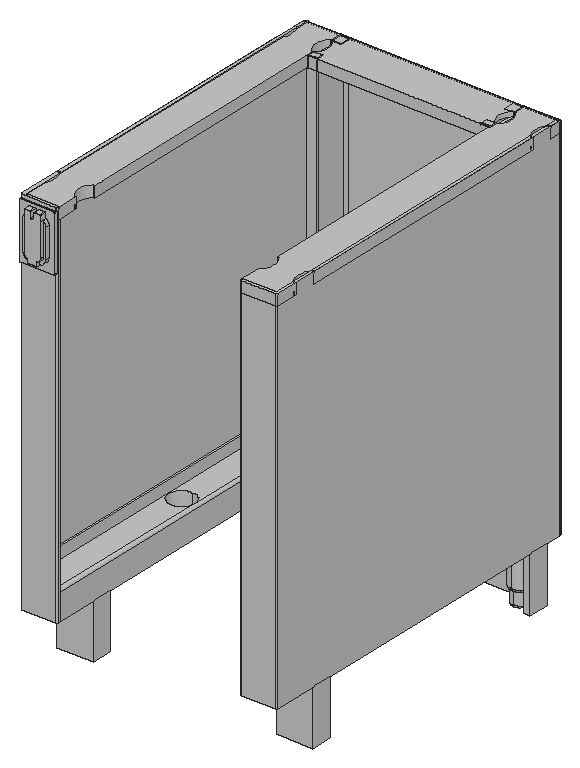
Revit family "Outdoor-Kitchen-Cabinets_Kalamazoo_Appliance-Surrounds_Arcadia", category Specialty Equipment, Revit 2018 (continued)
Definition of nested family "Grill-Surrounds-and-Back-Panels"
  Dimensions and locks (in)
    Masking region 15 sketch curve to Masking region 15 sketch curve to Masking region 15 sketch curve to Masking region 15 sketch curve = 0.27996" locked, 1.30957" locked, 0.28043" locked
    curve 7 to curve 8 to curve 9 to curve 10 = 0.21999" locked, 0.27" locked, 0.22" locked
    locked: plane 17 to Masking region 14 sketch curve at 0.845
    locked: plane 17 to Extrusion 30 at 1.145
    locked: plane 17 to Masking region 15 sketch curve at 0.56504
    locked: plane 17 to Masking region 13 sketch curve at 0.07501
    locked: Extrusion 28 sketch curve to plane 17 at 0.07501
    locked: Extrusion 30 sketch curve to plane 17 at 0.845
    locked: Extrusion 29 sketch curve to plane 17 at 0.56504
    aligned and locked: plane 2 to level
    aligned and locked: plane 5 to Extrusion 1 sketch curve  (x2)
    aligned and locked: plane 4 to Extrusion 1 sketch curve  (x2)
    aligned and locked: plane 12 to Extrusion 1
    aligned and locked: Extrusion 2 to plane 4
    aligned and locked: plane 9 to Extrusion 2
    aligned and locked: plane 5 to Extrusion 3
    aligned and locked: plane 8 to Extrusion 3
    aligned and locked: plane 9 to Extrusion 4
    aligned and locked: plane 13 to cut or joined group of Extrusion 2, Extrusion 4, Extrusion 5
    aligned and locked: plane 8 to cut or joined group of Extrusion 1, Extrusion 5
    aligned and locked: plane 14 to cut or joined group of Extrusion 1, Extrusion 5
    aligned and locked: plane 8 to Extrusion 6 sketch curve
    aligned and locked: plane 9 to Extrusion 6 sketch curve
    aligned and locked: Extrusion 8 to plane 8
    aligned and locked: Extrusion 8 to plane 9
    aligned and locked: Extrusion 9 to plane 4
    aligned and locked: plane 9 to Extrusion 9
    aligned and locked: plane 8 to Extrusion 10
    aligned and locked: plane 5 to Extrusion 10
    aligned and locked: plane 5 to Extrusion 11 sketch curve
    aligned and locked: plane 4 to Extrusion 11 sketch curve
    aligned and locked: plane 5 to Masking region 1 sketch curve  (x2)
    aligned and locked: Masking region 1 sketch curve to plane 4  (x2)
    aligned and locked: curve 2 to plane 5
    aligned and locked: curve 1 to plane 4
    aligned and locked: plane 5 to Masking region 2 sketch curve
    aligned and locked: Masking region 2 sketch curve to plane 4
    aligned and locked: Extrusion 12 sketch curve to plane 17  (x3)
    aligned and locked: plane 4 to Extrusion 12 sketch curve
    aligned and locked: Extrusion 12 sketch curve to plane 4
    aligned and locked: plane 18 to Extrusion 12 sketch curve  (x3)
    aligned and locked: plane 5 to Extrusion 12 sketch curve
    aligned and locked: Extrusion 12 sketch curve to plane 5  (x2)
    aligned and locked: Extrusion 13 sketch curve to plane 17
    aligned and locked: Extrusion 13 sketch curve to plane 19
    aligned and locked: plane 18 to Extrusion 13 sketch curve
    aligned and locked: plane 20 to Extrusion 13 sketch curve
    aligned and locked: Extrusion 14 sketch curve to plane 19
    aligned and locked: Extrusion 14 sketch curve to plane 4
    aligned and locked: plane 20 to Extrusion 14 sketch curve
    aligned and locked: Extrusion 14 sketch curve to plane 5
    aligned and locked: Extrusion 16 sketch curve to plane 17
    aligned and locked: plane 4 to Extrusion 16 sketch curve
    aligned and locked: plane 18 to Extrusion 16 sketch curve
    aligned and locked: Extrusion 16 sketch curve to plane 5
    aligned and locked: Masking region 3 sketch curve to plane 18
    aligned and locked: Masking region 3 sketch curve to plane 5
    aligned and locked: Masking region 3 sketch curve to plane 17
    aligned and locked: Masking region 3 sketch curve to plane 4
    aligned and locked: Masking region 4 sketch curve to plane 17
    aligned and locked: Masking region 4 sketch curve to plane 4
    aligned and locked: Masking region 4 sketch curve to plane 18
    aligned and locked: Masking region 4 sketch curve to plane 5
    aligned and locked: cut or joined group of Extrusion 1, Extrusion 5 to plane 23
    aligned and locked: Extrusion 2 sketch curve to plane 24
    aligned and locked: Extrusion 3 sketch curve to plane 24
    aligned and locked: plane 24 to Extrusion 7 sketch curve
    aligned and locked: Extrusion 6 to plane 24
    aligned and locked: Extrusion 6 to plane 25
    aligned and locked: plane 25 to cut or joined group of Extrusion 2, Extrusion 4, Extrusion 5
    aligned and locked: plane 25 to Extrusion 8
    aligned and locked: plane 25 to cut or joined group of Extrusion 3, Extrusion 5
    aligned and locked: Extrusion 11 to plane 23
    aligned and locked: plane 12 to Extrusion 11
    aligned and locked: Extrusion 16 to plane 23
    aligned and locked: Extrusion 12 to plane 23
    aligned and locked: plane 12 to Extrusion 16
    aligned and locked: plane 12 to Extrusion 13
    aligned and locked: plane 12 to Extrusion 12
    aligned and locked: Extrusion 13 to plane 24
    aligned and locked: cut or joined group of Extrusion 14, Extrusion 15 to plane 24  (x2)
    aligned and locked: Extrusion 14 sketch curve to plane 24
    aligned and locked: plane 24 to Extrusion 14 sketch curve
    aligned and locked: Extrusion 10 sketch curve to plane 24
    aligned and locked: Extrusion 9 sketch curve to plane 24
    aligned and locked: Extrusion 7 to plane 17
    aligned and locked: Extrusion 7 to plane 18
    aligned and locked: Extrusion 21 sketch curve to plane 12
    aligned and locked: plane 18 to Extrusion 21 sketch curve
    aligned and locked: Extrusion 21 to plane 5
    aligned and locked: Extrusion 21 to cut or joined group of Extrusion 14, Extrusion 15
    aligned and locked: plane 12 to Extrusion 21 sketch curve
    aligned and locked: Extrusion 21 sketch curve to plane 17
    aligned and locked: plane 4 to Extrusion 21 sketch curve
    aligned and locked: Extrusion 21 sketch curve to plane 24
    aligned and locked: Extrusion 22 sketch curve to plane 26
    aligned and locked: Extrusion 22 to plane 24
    aligned and locked: Extrusion 22 to plane 30
    aligned and locked: Extrusion 20 sketch curve to plane 26  (x4)
    aligned and locked: Extrusion 20 sketch curve to plane 27  (x4)
    aligned and locked: Extrusion 23 sketch curve to plane 23
    aligned and locked: plane 9 to Extrusion 23 sketch curve
    aligned and locked: plane 8 to Extrusion 23 sketch curve
    aligned and locked: plane 24 to Extrusion 23 sketch curve
    aligned and locked: Extrusion 23 to Extrusion 21
    aligned and locked: Extrusion 20 sketch curve to plane 32  (x2)
    aligned and locked: plane 31 to Extrusion 20 sketch curve  (x4)
    aligned and locked: Masking region 8 sketch curve to Extrusion 22  (x8)
    aligned and locked: Extrusion 20 to Masking region 9 sketch curve  (x2)
    aligned and locked: Masking region 9 sketch curve to Extrusion 20  (x6)
    aligned and locked: Extrusion 20 sketch curve to Extrusion 7
    aligned and locked: Extrusion 20 sketch curve to Extrusion 20 sketch curve
    aligned and locked: Extrusion 25 sketch curve to Extrusion 20  (x16)
    aligned and locked: Extrusion 25 to Extrusion 20
    aligned and locked: plane 7 "Center (Front/Back)" to Extrusion 25
    aligned and locked: Masking region 11 sketch curve to Extrusion 26  (x16)
    aligned and locked: Extrusion 6 to Extrusion 26
    aligned and locked: Extrusion 26 to Extrusion 22
    aligned and locked: Extrusion 26 to Extrusion 24
    aligned and locked: Extrusion 24 to Extrusion 6
    aligned and locked: Extrusion 27 sketch curve to Extrusion 20  (x20)
    aligned and locked: Extrusion 20 to Extrusion 27 sketch curve  (x8)
    aligned and locked: Extrusion 27 sketch curve to Extrusion 26  (x4)
    aligned and locked: Extrusion 26 to Extrusion 27 sketch curve  (x9)
    aligned and locked: Extrusion 27 to Extrusion 20
    aligned and locked: plane 7 "Center (Front/Back)" to Extrusion 27
    aligned and locked: Extrusion 27 to Masking region 12 sketch curve  (x4)
    aligned and locked: Masking region 12 sketch curve to Extrusion 27  (x8)
    aligned and locked: Masking region 16 sketch curve to Extrusion 25  (x4)
  Automatic sketch dimensions
    plane 32 to curve 10 = 0.105"
    plane 6 to curve 10 = 26.28"
    curve 10 to curve 7 = 0"
    curve 10 to curve 9 = 0"  (x2)
    plane 6 to curve 6 = 26.28"
    curve 5 to curve 6 = 0"  (x2)
    curve 3 to curve 5 = 0"
    curve 8 to curve 7 = 0"  (x2)
    curve 3 to curve 4 = 0"  (x2)
    curve 3 to curve 3 = 0.49"
    curve 6 to curve 6 = 0.49"
    curve 9 to curve 9 = 0.49"
    curve 9 to curve 7 = 0"
    curve 1 to plane 6 = 5/8"
    curve 2 to plane 6 = 5/8"
    curve 1 to plane 1 = 15/16"
    curve 2 to plane 1 = 15/16"
    plane 6 to Extrusion 1 sketch curve = 0"
    Extrusion 1 sketch curve to plane 6 = 0.108"  (x2)
    Extrusion 1 sketch curve to Extrusion 1 sketch curve = 0.517"  (x2)
    plane 1 to Extrusion 1 sketch curve = 0.0009"
    Extrusion 1 sketch curve to plane 1 = 0.0009"
    Extrusion 1 sketch curve to plane 1 = 15/16"  (x2)
    plane 7 "Center (Front/Back)" to Extrusion 1 sketch curve = 0.108"  (x2)
    Extrusion 1 sketch curve to plane 7 "Center (Front/Back)" = 0"
    Extrusion 1 sketch curve to plane 16 = 0.62493"
    Extrusion 1 sketch curve to plane 5 = 0.10851"
    plane 14 to Extrusion 1 sketch curve = 0.12"
    plane 13 to Extrusion 1 sketch curve = 0.11832"
    Extrusion 1 sketch curve to Extrusion 1 sketch curve = 0.13"
    Extrusion 2 sketch curve to plane 12 = 0"  (x2)
    Extrusion 2 sketch curve to plane 6 = 0"
    Extrusion 2 sketch curve to plane 7 "Center (Front/Back)" = 0"
    Extrusion 2 sketch curve to plane 30 = 0.092"  (x2)
    plane 30 to Extrusion 2 sketch curve = 0.149"
    plane 25 to Extrusion 2 sketch curve = 0.00138"  (x2)
    Extrusion 2 sketch curve to Extrusion 2 sketch curve = 0.892"
    Extrusion 2 sketch curve to Extrusion 2 sketch curve = 0.517"
    Extrusion 3 sketch curve to plane 12 = 0"  (x2)
    Extrusion 3 sketch curve to plane 6 = 0"
    Extrusion 3 sketch curve to plane 7 "Center (Front/Back)" = 0"
    Extrusion 3 sketch curve to plane 30 = 0.092"  (x2)
    plane 30 to Extrusion 3 sketch curve = 0.149"
    plane 25 to Extrusion 3 sketch curve = 0.00138"  (x2)
    Extrusion 3 sketch curve to Extrusion 3 sketch curve = 0.517"
    Extrusion 3 sketch curve to Extrusion 3 sketch curve = 0.892"
    plane 25 to Extrusion 4 sketch curve = 0"
    plane 30 to Extrusion 4 sketch curve = 0.149"
    plane 7 "Center (Front/Back)" to Extrusion 4 sketch curve = 0.108"
    Extrusion 4 sketch curve to plane 6 = 0.108"
    plane 25 to Extrusion 5 sketch curve = 0"
    plane 30 to Extrusion 5 sketch curve = 0.149"
    Extrusion 5 sketch curve to plane 6 = 0.108"
    plane 7 "Center (Front/Back)" to Extrusion 5 sketch curve = 0.108"
    Extrusion 6 sketch curve to plane 24 = 0"
    Extrusion 6 sketch curve to plane 25 = 0"
    plane 7 "Center (Front/Back)" to Extrusion 7 sketch curve = 0"
    plane 25 to Extrusion 7 sketch curve = 0.00138"
    Extrusion 7 sketch curve to plane 30 = 0.092"
    Extrusion 7 sketch curve to plane 30 = 0.09235"
    plane 25 to Extrusion 8 sketch curve = 0"
    Extrusion 8 sketch curve to plane 6 = 0.108"
    Extrusion 8 sketch curve to Extrusion 8 sketch curve = 0.165"
    plane 7 "Center (Front/Back)" to Extrusion 8 sketch curve = 0.16876"
    plane 7 "Center (Front/Back)" to Extrusion 8 sketch curve = 0.108"
    Extrusion 9 sketch curve to plane 12 = 0"  (x3)
    Extrusion 9 sketch curve to plane 6 = 0"
    Extrusion 9 sketch curve to plane 7 "Center (Front/Back)" = 0"
    Extrusion 9 sketch curve to plane 30 = 0.092"  (x2)
    plane 25 to Extrusion 9 sketch curve = 0.00138"  (x2)
    Extrusion 9 sketch curve to Extrusion 9 sketch curve = 0.892"
    Extrusion 9 sketch curve to Extrusion 9 sketch curve = 0"  (x2)
    Extrusion 9 sketch curve to Extrusion 9 sketch curve = 0.517"
    Extrusion 10 sketch curve to plane 12 = 0"  (x3)
    Extrusion 10 sketch curve to plane 6 = 0"
    Extrusion 10 sketch curve to plane 7 "Center (Front/Back)" = 0"
    Extrusion 10 sketch curve to plane 30 = 0.092"  (x2)
    plane 25 to Extrusion 10 sketch curve = 0.00138"  (x2)
    Extrusion 10 sketch curve to Extrusion 10 sketch curve = 0.517"
    Extrusion 10 sketch curve to Extrusion 10 sketch curve = 0"  (x2)
    Extrusion 10 sketch curve to Extrusion 10 sketch curve = 0.892"
    plane 6 to Extrusion 11 sketch curve = 0"
    Extrusion 11 sketch curve to Extrusion 11 sketch curve = 0.108"
    Extrusion 11 sketch curve to plane 6 = 0.108"
    plane 1 to Extrusion 11 sketch curve = 0.41087"
    plane 1 to Extrusion 11 sketch curve = 0.40325"
    plane 7 "Center (Front/Back)" to Extrusion 11 sketch curve = 0.108"  (x2)
    Extrusion 11 sketch curve to plane 7 "Center (Front/Back)" = 0"
    Extrusion 11 sketch curve to plane 5 = 0.10851"
    Masking region 1 sketch curve to plane 6 = 0"
    Masking region 1 sketch curve to plane 6 = 0.108"  (x2)
    Masking region 1 sketch curve to Masking region 1 sketch curve = 0.517"  (x2)
    plane 14 to Masking region 1 sketch curve = 0.12"
    plane 1 to Masking region 1 sketch curve = 0.0009"
    Masking region 1 sketch curve to plane 1 = 0.0009"
    plane 14 to Masking region 1 sketch curve = 0.11832"
    Masking region 1 sketch curve to plane 1 = 15/16"  (x2)
    plane 7 "Center (Front/Back)" to Masking region 1 sketch curve = 0.108"  (x2)
    Masking region 1 sketch curve to plane 7 "Center (Front/Back)" = 0"
    Masking region 1 sketch curve to plane 5 = 0.10851"
    plane 13 to Masking region 1 sketch curve = 0.11832"
    Masking region 1 sketch curve to Masking region 1 sketch curve = 0.13"
    Masking region 2 sketch curve to plane 6 = 0"
    Masking region 2 sketch curve to plane 6 = 0.108"  (x2)
    plane 1 to Masking region 2 sketch curve = 0.41087"
    plane 1 to Masking region 2 sketch curve = 0.40325"
    plane 7 "Center (Front/Back)" to Masking region 2 sketch curve = 0.108"  (x2)
    Masking region 2 sketch curve to plane 7 "Center (Front/Back)" = 0"
    Masking region 2 sketch curve to plane 5 = 0.10851"
    Extrusion 12 sketch curve to plane 4 = 0"
    plane 7 "Center (Front/Back)" to Extrusion 12 sketch curve = 0"  (x2)
    Extrusion 12 sketch curve to Extrusion 12 sketch curve = 0.108"  (x3)
    Extrusion 12 sketch curve to plane 4 = 0.108"  (x2)
    Extrusion 12 sketch curve to Extrusion 12 sketch curve = 0.892"  (x4)
    Extrusion 12 sketch curve to plane 4 = 0.13169"
    Extrusion 12 sketch curve to plane 1 = 0.0009"  (x4)
    Extrusion 12 sketch curve to plane 20 = 0.12"  (x2)
    Extrusion 12 sketch curve to plane 6 = 5/8"  (x4)
    plane 6 to Extrusion 12 sketch curve = 21.805"  (x2)
    Extrusion 12 sketch curve to Extrusion 12 sketch curve = 0"  (x2)
    Extrusion 12 sketch curve to plane 17 = 0.87584"
    Extrusion 12 sketch curve to Extrusion 12 sketch curve = 15/16"  (x8)
    plane 8 to Extrusion 12 sketch curve = 0.11481"
    Extrusion 12 sketch curve to plane 18 = 0.87584"
    plane 9 to Extrusion 12 sketch curve = 0.11481"
    Extrusion 12 sketch curve to plane 4 = 0.13"
    Extrusion 12 sketch curve to plane 4 = 0.11959"
    Extrusion 12 sketch curve to Extrusion 12 sketch curve = 1.79097"  (x2)
    Extrusion 12 sketch curve to Extrusion 12 sketch curve = 1.802"  (x2)
    plane 18 to Extrusion 12 sketch curve = 0.108"
    Extrusion 12 sketch curve to plane 18 = 7/8"
    Extrusion 12 sketch curve to Extrusion 12 sketch curve = 0.13169"
    Extrusion 12 sketch curve to Extrusion 12 sketch curve = 0.13"  (x3)
    Extrusion 12 sketch curve to Extrusion 12 sketch curve = 0.11959"
    plane 9 to Extrusion 12 sketch curve = 0.11397"
    Extrusion 12 sketch curve to plane 19 = 0.11832"
    Extrusion 12 sketch curve to plane 19 = 0.12"
    Extrusion 13 sketch curve to plane 5 = 0"
    Extrusion 13 sketch curve to plane 4 = 0"
    plane 7 "Center (Front/Back)" to Extrusion 13 sketch curve = 0"  (x2)
    plane 7 "Center (Front/Back)" to Extrusion 13 sketch curve = 0.108"
    Extrusion 13 sketch curve to Extrusion 13 sketch curve = 0.108"  (x2)
    plane 6 to Extrusion 13 sketch curve = 25.34"  (x2)
    Extrusion 13 sketch curve to Extrusion 13 sketch curve = 0.142"  (x4)
    plane 18 to Extrusion 13 sketch curve = 0.108"
    Extrusion 14 sketch curve to plane 4 = 1/4"
    plane 5 to Extrusion 14 sketch curve = 1/4"
    plane 6 to Extrusion 15 sketch curve = 11.224"  (x2)
    plane 7 "Center (Front/Back)" to Extrusion 16 sketch curve = 0"  (x2)
    Extrusion 16 sketch curve to Extrusion 16 sketch curve = 0.108"  (x2)
    plane 7 "Center (Front/Back)" to Extrusion 16 sketch curve = 0.108"
    Extrusion 16 sketch curve to plane 4 = 0.108"  (x2)
    Extrusion 16 sketch curve to Extrusion 16 sketch curve = 0.59301"
    Extrusion 16 sketch curve to Extrusion 16 sketch curve = 0.69422"
    Extrusion 16 sketch curve to Extrusion 16 sketch curve = 0.74308"
    Extrusion 16 sketch curve to Extrusion 16 sketch curve = 0.76878"
    plane 6 to Extrusion 16 sketch curve = 23.66577"
    plane 6 to Extrusion 16 sketch curve = 23.86476"
    Extrusion 16 sketch curve to Extrusion 16 sketch curve = 0.02114"
    Extrusion 16 sketch curve to Extrusion 16 sketch curve = 0.22407"
    Extrusion 16 sketch curve to Extrusion 16 sketch curve = 1.8052"
    Extrusion 16 sketch curve to Extrusion 16 sketch curve = 1.58507"
    plane 18 to Extrusion 16 sketch curve = 0.108"
    Extrusion 16 sketch curve to Extrusion 16 sketch curve = 1.61724"
    plane 17 to Extrusion 16 sketch curve = 0.108"
    Extrusion 16 sketch curve to Extrusion 16 sketch curve = 1.59216"
    Extrusion 16 sketch curve to Extrusion 16 sketch curve = 0.11959"
    plane 18 to Extrusion 17 sketch curve = 0.07501"
    Extrusion 17 sketch curve to Extrusion 17 sketch curve = 0.05998"
    Extrusion 17 sketch curve to Extrusion 17 sketch curve = 0.05999"
    Extrusion 17 sketch curve to Extrusion 17 sketch curve = 0.00043"
    Extrusion 17 sketch curve to Extrusion 17 sketch curve = 0.06"  (x2)
    plane 30 to Extrusion 17 sketch curve = 0.12121"
    plane 30 to Extrusion 17 sketch curve = 0.12241"
    Extrusion 17 sketch curve to Extrusion 17 sketch curve = 0.00009"
    Extrusion 17 sketch curve to Extrusion 17 sketch curve = 0.00129"
    Extrusion 17 sketch curve to plane 23 = 3.92306"
    Extrusion 17 sketch curve to Extrusion 17 sketch curve = 0.05996"
    Extrusion 17 sketch curve to Extrusion 17 sketch curve = 0"  (x4)
    plane 20 to Extrusion 18 sketch curve = 0.31504"
    Extrusion 18 sketch curve to plane 23 = 0.01768"
    plane 31 to Extrusion 18 sketch curve = 0.40497"
    plane 31 to Extrusion 18 sketch curve = 0.15503"
    plane 31 to Extrusion 18 sketch curve = 0.15498"
    Extrusion 18 sketch curve to plane 16 = 0.405"  (x2)
    Extrusion 18 sketch curve to Extrusion 18 sketch curve = 0.24957"
    Extrusion 18 sketch curve to Extrusion 18 sketch curve = 0.46732"
    Extrusion 18 sketch curve to Extrusion 18 sketch curve = 2.37075"
    Extrusion 18 sketch curve to Extrusion 18 sketch curve = 0.0002"
    Extrusion 18 sketch curve to Extrusion 18 sketch curve = 0.00049"
    Extrusion 18 sketch curve to plane 16 = 0.02514"
    Extrusion 18 sketch curve to Extrusion 18 sketch curve = 0"
    Extrusion 19 sketch curve to plane 23 = 0.06762"  (x4)
    plane 31 to Extrusion 19 sketch curve = 0.405"
    Extrusion 19 sketch curve to Extrusion 19 sketch curve = 0.06"  (x2)
    Extrusion 19 sketch curve to plane 31 = 0.055"
    Extrusion 19 sketch curve to Extrusion 19 sketch curve = 0.05999"
    Extrusion 19 sketch curve to Extrusion 19 sketch curve = 0.06002"
    plane 30 to Extrusion 19 sketch curve = 0.32954"
    plane 30 to Extrusion 19 sketch curve = 0.3295"
    Extrusion 19 sketch curve to Extrusion 19 sketch curve = 0.05738"
    Extrusion 19 sketch curve to Extrusion 19 sketch curve = 2.7"
    Extrusion 19 sketch curve to Extrusion 19 sketch curve = 0"  (x3)
    Extrusion 19 sketch curve to Extrusion 19 sketch curve = 0.3"  (x2)
    Extrusion 19 sketch curve to Extrusion 19 sketch curve = 0.351"
    Masking region 3 sketch curve to plane 18 = 0"  (x2)
    Masking region 3 sketch curve to plane 17 = 0"  (x2)
    Masking region 3 sketch curve to plane 4 = 0"  (x2)
    Masking region 3 sketch curve to plane 5 = 0"  (x2)
    plane 7 "Center (Front/Back)" to Masking region 3 sketch curve = 0"  (x2)
    Masking region 3 sketch curve to Masking region 3 sketch curve = 0.108"  (x2)
    plane 5 to Masking region 3 sketch curve = 0.108"
    plane 7 "Center (Front/Back)" to Masking region 3 sketch curve = 0.108"
    Masking region 3 sketch curve to Masking region 3 sketch curve = 0.892"  (x4)
    Masking region 3 sketch curve to plane 20 = 0.11832"
    plane 5 to Masking region 3 sketch curve = 0.13169"
    Masking region 3 sketch curve to plane 1 = 0.0009"  (x4)
    Masking region 3 sketch curve to plane 6 = 5/8"  (x3)
    Masking region 3 sketch curve to plane 20 = 0.12"  (x3)
    plane 1 to Masking region 3 sketch curve = 15/16"
    plane 6 to Masking region 3 sketch curve = 21.805"  (x2)
    Masking region 3 sketch curve to plane 19 = 0.12"  (x2)
    Masking region 3 sketch curve to plane 4 = 0.13"  (x3)
    Masking region 3 sketch curve to Masking region 3 sketch curve = 0"  (x2)
    Masking region 3 sketch curve to plane 18 = 0.87584"
    Masking region 3 sketch curve to Masking region 3 sketch curve = 15/16"  (x5)
    plane 8 to Masking region 3 sketch curve = 0.11481"
    plane 9 to Masking region 3 sketch curve = 0.11481"
    Masking region 3 sketch curve to plane 17 = 0.87584"
    Masking region 3 sketch curve to plane 4 = 0.11959"
    Masking region 3 sketch curve to Masking region 3 sketch curve = 1.79097"  (x2)
    Masking region 3 sketch curve to Masking region 3 sketch curve = 1.802"  (x2)
    plane 18 to Masking region 3 sketch curve = 0.108"
    plane 17 to Masking region 3 sketch curve = 0.108"
    Masking region 3 sketch curve to Masking region 3 sketch curve = 0.13"  (x3)
    Masking region 3 sketch curve to Masking region 3 sketch curve = 0.11959"
    plane 9 to Masking region 3 sketch curve = 0.11397"
    Masking region 3 sketch curve to plane 19 = 0.11832"
    plane 7 "Center (Front/Back)" to Masking region 4 sketch curve = 0"  (x2)
    plane 7 "Center (Front/Back)" to Masking region 4 sketch curve = 0.108"  (x3)
    Masking region 4 sketch curve to Masking region 4 sketch curve = 0.108"
    Masking region 4 sketch curve to Masking region 4 sketch curve = 0.27324"
    Masking region 4 sketch curve to Masking region 4 sketch curve = 0.69111"
    Masking region 4 sketch curve to Masking region 4 sketch curve = 0.72376"
    Masking region 4 sketch curve to Masking region 4 sketch curve = 0.89661"
    plane 6 to Masking region 4 sketch curve = 23.98361"
    plane 6 to Masking region 4 sketch curve = 24.06446"
    Masking region 4 sketch curve to Masking region 4 sketch curve = 0.2542"
    Masking region 4 sketch curve to Masking region 4 sketch curve = 0.26061"
    Masking region 4 sketch curve to plane 4 = 0.11959"
    Masking region 4 sketch curve to Masking region 4 sketch curve = 1.40651"
    plane 5 to Masking region 4 sketch curve = 0.11959"
    Masking region 4 sketch curve to Masking region 4 sketch curve = 1.48736"
    Masking region 4 sketch curve to Masking region 4 sketch curve = 1.15693"
    plane 18 to Masking region 4 sketch curve = 0.108"
    Masking region 4 sketch curve to Masking region 4 sketch curve = 1.24419"
    Masking region 4 sketch curve to plane 4 = 0.108"
    plane 6 to Masking region 5 sketch curve = 25.79"
    Masking region 5 sketch curve to Masking region 5 sketch curve = 0.2"
    plane 6 to Masking region 6 sketch curve = 26.28"
    Masking region 6 sketch curve to Masking region 6 sketch curve = 0.49"
    plane 6 to Masking region 7 sketch curve = 26.08"
    Masking region 7 sketch curve to Masking region 7 sketch curve = 0"
    Masking region 7 sketch curve to Masking region 7 sketch curve = 0.29"  (x2)
    Extrusion 20 sketch curve to plane 24 = 0"  (x2)
    plane 32 to Extrusion 20 sketch curve = 0"  (x2)
    Extrusion 20 sketch curve to plane 25 = 7.33062"
    Extrusion 20 sketch curve to Extrusion 20 sketch curve = 0"  (x2)
    Extrusion 20 sketch curve to Extrusion 20 sketch curve = 0.18"  (x6)
    Extrusion 20 sketch curve to Extrusion 20 sketch curve = 7.44"
    Extrusion 20 sketch curve to plane 23 = 6.9155"  (x2)
    Extrusion 21 sketch curve to plane 5 = 0"
    Extrusion 21 sketch curve to plane 24 = 0"
    Extrusion 22 sketch curve to plane 27 = 0"
    plane 7 "Center (Front/Back)" to Extrusion 22 sketch curve = 0"  (x2)
    Extrusion 22 sketch curve to plane 7 "Center (Front/Back)" = 0.79807"  (x2)
    plane 27 to Extrusion 22 sketch curve = 0.11193"
    Extrusion 22 sketch curve to plane 3 "Center (Left/Right)" = 0.23668"
    Extrusion 22 sketch curve to Extrusion 22 sketch curve = 0.10168"  (x3)
    plane 3 "Center (Left/Right)" to Extrusion 22 sketch curve = 0.23668"
    plane 7 "Center (Front/Back)" to Extrusion 24 sketch curve = 0"  (x2)
    Extrusion 24 sketch curve to plane 19 = 0"
    Extrusion 24 sketch curve to plane 20 = 0"
    Extrusion 24 sketch curve to plane 32 = 0"
    Extrusion 24 sketch curve to plane 31 = 0"
    plane 19 to Extrusion 24 sketch curve = 0.11193"
    Extrusion 24 sketch curve to plane 7 "Center (Front/Back)" = 0.79251"
    Extrusion 24 sketch curve to Extrusion 24 sketch curve = 0.79251"
    plane 32 to Extrusion 24 sketch curve = 0.10168"
    Extrusion 24 sketch curve to Extrusion 24 sketch curve = 0.80276"
    plane 31 to Extrusion 24 sketch curve = 0.10168"
    plane 7 "Center (Front/Back)" to Masking region 10 sketch curve = 0"  (x2)
    Masking region 10 sketch curve to plane 19 = 0"
    Masking region 10 sketch curve to plane 20 = 0"
    Masking region 10 sketch curve to plane 32 = 0"
    Masking region 10 sketch curve to plane 31 = 0"
    plane 19 to Masking region 10 sketch curve = 0.11193"
    Masking region 10 sketch curve to plane 7 "Center (Front/Back)" = 0.79251"
    Masking region 10 sketch curve to Masking region 10 sketch curve = 0.79251"
    Masking region 10 sketch curve to Masking region 10 sketch curve = 0.10168"
    plane 31 to Masking region 10 sketch curve = 0.10168"
    Masking region 10 sketch curve to Masking region 10 sketch curve = 0.01025"
    plane 7 "Center (Front/Back)" to Extrusion 26 sketch curve = 0"  (x4)
    Extrusion 26 sketch curve to plane 7 "Center (Front/Back)" = 0.79807"  (x4)
    Extrusion 26 sketch curve to plane 7 "Center (Front/Back)" = 0.80832"  (x2)
    Extrusion 26 sketch curve to Extrusion 26 sketch curve = 0"  (x2)
    Extrusion 26 sketch curve to Extrusion 26 sketch curve = 0.11193"  (x3)
    Extrusion 26 sketch curve to Extrusion 26 sketch curve = 0.10168"
    Extrusion 27 sketch curve to plane 24 = 0"
    Extrusion 27 sketch curve to Extrusion 27 sketch curve = 2.27"  (x3)
    Extrusion 27 sketch curve to Extrusion 27 sketch curve = 0.18"  (x3)
    Extrusion 28 sketch curve to Extrusion 28 sketch curve = 0.05998"
    Extrusion 28 sketch curve to Extrusion 28 sketch curve = 0.05999"
    Extrusion 28 sketch curve to Extrusion 28 sketch curve = 0.00043"
    Extrusion 28 sketch curve to Extrusion 28 sketch curve = 0.06"  (x2)
    Extrusion 28 sketch curve to plane 23 = 3.98304"
    Extrusion 28 sketch curve to Extrusion 28 sketch curve = 0.05996"
    plane 30 to Extrusion 28 sketch curve = 0.1225"  (x2)
    Extrusion 28 sketch curve to Extrusion 28 sketch curve = 0.00009"
    Extrusion 28 sketch curve to Extrusion 28 sketch curve = 0.00129"
    Extrusion 28 sketch curve to Extrusion 28 sketch curve = 0"  (x4)
    Extrusion 29 sketch curve to plane 23 = 0.01768"
    plane 32 to Extrusion 29 sketch curve = 0.40497"
    plane 32 to Extrusion 29 sketch curve = 0.15503"
    plane 32 to Extrusion 29 sketch curve = 0.15498"
    Extrusion 29 sketch curve to plane 15 = 0.405"  (x2)
    Extrusion 29 sketch curve to Extrusion 29 sketch curve = 0.24957"
    Extrusion 29 sketch curve to plane 23 = 0.48552"
    Extrusion 29 sketch curve to Extrusion 29 sketch curve = 2.37075"
    Extrusion 29 sketch curve to Extrusion 29 sketch curve = 0.0002"
    Extrusion 29 sketch curve to Extrusion 29 sketch curve = 0.00049"
    Extrusion 29 sketch curve to plane 15 = 0.02514"
    Extrusion 29 sketch curve to Extrusion 29 sketch curve = 0"
    Extrusion 30 sketch curve to plane 23 = 0.06762"  (x4)
    Extrusion 30 sketch curve to Extrusion 30 sketch curve = 0.06"  (x2)
    Extrusion 30 sketch curve to plane 32 = 0.055"
    Extrusion 30 sketch curve to Extrusion 30 sketch curve = 0.05999"
    Extrusion 30 sketch curve to Extrusion 30 sketch curve = 0.06002"
    Extrusion 30 sketch curve to Extrusion 30 sketch curve = 0.05738"
    Extrusion 30 sketch curve to Extrusion 30 sketch curve = 2.7"
    Extrusion 30 sketch curve to Extrusion 30 sketch curve = 0"  (x4)
    Extrusion 30 sketch curve to Extrusion 30 sketch curve = 0.3"  (x2)
    Extrusion 30 sketch curve to Extrusion 30 sketch curve = 0.351"
    plane 30 to Extrusion 30 sketch curve = 0.32954"
    plane 6 to Masking region 13 sketch curve = 25.79"
    Masking region 13 sketch curve to Masking region 13 sketch curve = 0.2"
    plane 6 to Masking region 14 sketch curve = 26.28"
    Masking region 14 sketch curve to Masking region 14 sketch curve = 0.49"
    plane 6 to Masking region 15 sketch curve = 26.08"
    Masking region 15 sketch curve to Masking region 15 sketch curve = 0"
    Masking region 15 sketch curve to Masking region 15 sketch curve = 0.29"  (x2)
    radius of Extrusion 15 sketch curve = 1.07835"
    radius of Extrusion 15 sketch curve = 1 5/64"
Types (8): name | Width | Weight (lb) | URL | R | Model | L | Description
  KD-ANC-21-EL | 21" | 190.00 lbf | "https://kalamazoogourmet.com/products/arcadia-21-inch-appliance-cabinet/" | no | "KD-ANC-21-EL" | yes | "Arcadia 15-Inch Appliance Cabinet"
  KD-ANC-30-ER | 30" | 210.00 lbf | "https://kalamazoogourmet.com/products/arcadia-30-inch-appliance-cabinet/" | yes | "KD-ANC-30-ER" | no | "Arcadia 24-Inch Appliance Cabinet"
  KD-ANC-45-EL | 45" | 250.00 lbf | "https://kalamazoogourmet.com/products/arcadia-35-inch-appliance-cabinet/" | no | "KD-ANC-45-EL" | yes | "Arcadia 39-Inch Appliance Cabinet"
  KD-ANC-54-EL | 54" | 275.00 lbf | "https://kalamazoogourmet.com/products/arcadia-54-inch-appliance-cabinet/" | no | "KD-ANC-54-EL" | yes | "Arcadia 48-Inch Appliance Cabinet"
  KD-ANC-21-ER | 21" | 190.00 lbf | "https://kalamazoogourmet.com/products/arcadia-21-inch-appliance-cabinet/" | yes | "KD-ANC-21-ER" | no | "Arcadia 15-Inch Appliance Cabinet"
  KD-ANC-45-ER | 45" | 250.00 lbf | "https://kalamazoogourmet.com/products/arcadia-35-inch-appliance-cabinet/" | yes | "KD-ANC-45-ER" | no | "Arcadia 39-Inch Appliance Cabinet"
  KD-ANC-30-EL | 30" | 210.00 lbf | "https://kalamazoogourmet.com/products/arcadia-30-inch-appliance-cabinet/" | no | "KD-ANC-30-EL" | yes | "Arcadia 24-Inch Appliance Cabinet"
  KD-ANC-54-ER | 54" | 275.00 lbf | "https://kalamazoogourmet.com/products/arcadia-54-inch-appliance-cabinet/" | yes | "KD-ANC-54-ER" | no | "Arcadia 48-Inch Appliance Cabinet"
